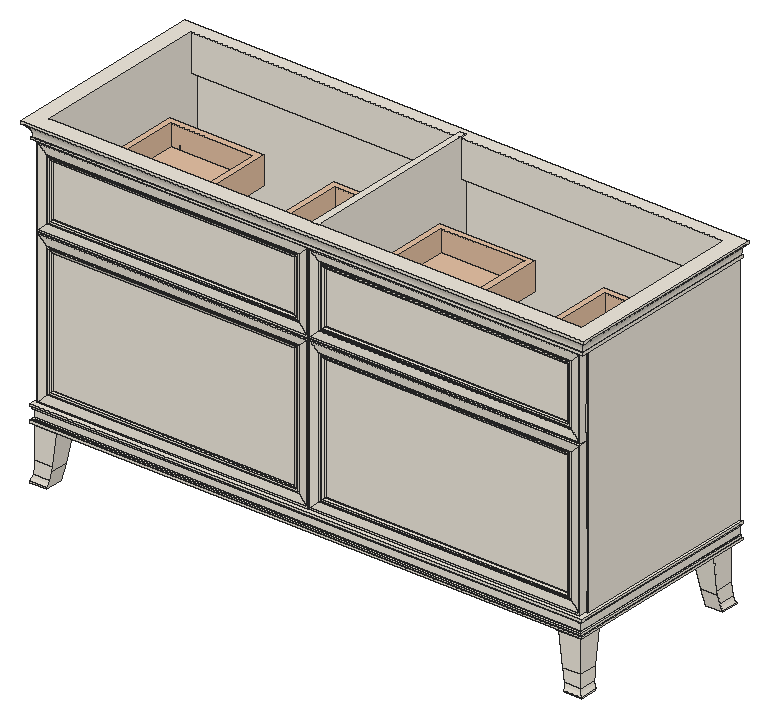
Revit family "Furniture-Floor_Mount-Vanity-KOHLER-HARKEN -K-33560", category Casework, host Face, Revit 2017 (continued)
Definition of nested family "K-33560"
  Lines and regions (in)
    Masking region 1
      outline origin (0, 1.36413, 0) x (0, 1, 0) y (0, 0, 1)
        loop
          arc (-10.87129, 27.71645) -> (-10.9274, 27.69321) -> (-10.95064, 27.63709) r 0.07936
          line (-10.95064, 27.63709) -> (-10.95064, 32.55897) -> (-11.73804, 32.55897) -> (-11.73804, 23.97629) -> (-10.95064, 23.97629) -> (-10.95064, 24.76369) -> (-10.83264, 24.76369) -> (-10.83264, 15.51233) -> (-10.8725, 15.51233)
          arc (-10.8725, 15.51233) -> (-10.92775, 15.48944) -> (-10.95064, 15.43419) r 0.07814
          line (-10.95064, 15.43419) -> (-10.95064, 23.85848) -> (-11.73804, 23.85848) -> (-11.73804, 7.63801) -> (-10.95064, 7.63801) -> (-10.95064, 9.60682) -> (-10.83264, 9.60682) -> (-10.83264, 7.51946) -> (-12.09248, 7.51946) -> (-12.09248, 7.28324) -> (-11.97433, 7.28324) -> (-11.97433, 7.16513)
          arc (-11.97433, 7.16513) -> (-11.92386, 7.11349) -> (-11.89563, 7.04702) r 0.19515
          line (-11.89563, 7.04702) -> (-11.77748, 7.04702) -> (-11.77748, 6.18088) -> (-11.89563, 6.18088)
          arc (-11.89563, 6.18088) -> (-11.92383, 6.11439) -> (-11.97433, 6.06277) r 0.19455
          line (-11.97433, 6.06277) -> (-11.97433, 5.94466) -> (-12.09248, 5.94466) -> (-12.09248, 5.70844) -> (-11.77641, 5.70844) -> (-11.77641, 2.07893)
          arc (-11.77641, 2.07893) -> (-11.79711, 1.43081) -> (-11.85913, 0.78533) r 10.15706
          arc (-11.85913, 0.78533) -> (-11.93946, 0.43926) -> (-12.09138, 0.11812) r 1.66494
          line (-12.09138, 0.11812) -> (-12.09138, 0) -> (-10.28035, 0) -> (-10.2487, 0.11812)
          arc (-10.2487, 0.11812) -> (-10.16626, 0.45028) -> (-10.09618, 0.78527) r 9.24047
          arc (-10.09618, 0.78527) -> (-10.02912, 1.15598) -> (-9.96859, 1.52781) r 21.45238
          line (-9.96859, 1.52781) -> (-9.41421, 5.47244) -> (-7.51622, 5.47244) -> (-7.51622, 5.70844) -> (3.96134, 5.70844) -> (3.96134, 5.47244) -> (5.8604, 5.47244) -> (6.41478, 1.52781)
          arc (6.41478, 1.52781) -> (6.47531, 1.15598) -> (6.54236, 0.78527) r 21.45238
          arc (6.54236, 0.78527) -> (6.61245, 0.45028) -> (6.69489, 0.11812) r 9.24047
          line (6.69489, 0.11812) -> (6.72654, 0) -> (8.53756, 0) -> (8.53756, 0.11812)
          arc (8.53756, 0.11812) -> (8.38564, 0.43926) -> (8.30531, 0.78533) r 1.66494
          arc (8.30531, 0.78533) -> (8.2433, 1.43081) -> (8.2226, 2.07893) r 10.15706
          line (8.2226, 2.07893) -> (8.2226, 5.70844) -> (9.32484, 5.70844) -> (9.32484, 34.48797) -> (-12.56492, 34.48797)
    Masking region 2
      outline origin (0, 0, 0) x (1, 0, 0) y (0, 0, 1)
        loop
          line (-30, 34.48797) -> (-30, 34.17301)
          arc (-30, 34.17301) -> (-29.45442, 33.64495) -> (-29.25197, 32.91317) r 1.44471
          line (-29.25197, 32.91317) -> (-29.37008, 32.91317) -> (-29.37008, 32.67694) -> (-29.05512, 32.67694) -> (-29.05512, 7.51946) -> (-29.37008, 7.51946) -> (-29.37008, 7.28324) -> (-29.25197, 7.28324) -> (-29.25197, 7.16513)
          arc (-29.25197, 7.16513) -> (-29.20101, 7.1138) -> (-29.17323, 7.04702) r 0.18791
          line (-29.17323, 7.04702) -> (-29.05512, 7.04702) -> (-29.05512, 6.18088) -> (-29.17323, 6.18088)
          arc (-29.17323, 6.18088) -> (-29.20143, 6.11438) -> (-29.25197, 6.06277) r 0.19437
          line (-29.25197, 6.06277) -> (-29.25197, 5.94466) -> (-29.37008, 5.94466) -> (-29.37008, 5.70844) -> (-29.05777, 5.70844) -> (-29.05777, 2.07893)
          arc (-29.05777, 2.07893) -> (-29.07485, 1.43058) -> (-29.14049, 0.78533) r 8.64397
          arc (-29.14049, 0.78533) -> (-29.2238, 0.4403) -> (-29.37273, 0.11811) r 1.81328
          line (-29.37273, 0.11811) -> (-29.37273, 0) -> (-27.56171, 0)
          arc (-27.56171, 0) -> (-27.37862, 0.78501) -> (-27.24268, 1.57954) r 13.51115
          line (-27.24268, 1.57954) -> (-26.69557, 5.47244) -> (-24.79386, 5.47244) -> (-24.79386, 5.70844) -> (24.79386, 5.70844) -> (24.79386, 5.47244) -> (26.69557, 5.47244) -> (27.24268, 1.57954)
          arc (27.24268, 1.57954) -> (27.37862, 0.78501) -> (27.56171, 0) r 13.51115
          line (27.56171, 0) -> (29.37273, 0) -> (29.37273, 0.11811)
          arc (29.37273, 0.11811) -> (29.2238, 0.4403) -> (29.14049, 0.78533) r 1.81328
          arc (29.14049, 0.78533) -> (29.07485, 1.43058) -> (29.05777, 2.07893) r 8.64397
          line (29.05777, 2.07893) -> (29.05777, 5.70844) -> (29.37008, 5.70844) -> (29.37008, 5.94466) -> (29.25197, 5.94466) -> (29.25197, 6.06277)
          arc (29.25197, 6.06277) -> (29.20143, 6.11438) -> (29.17323, 6.18088) r 0.19437
          line (29.17323, 6.18088) -> (29.05512, 6.18088) -> (29.05512, 7.04702) -> (29.17323, 7.04702)
          arc (29.17323, 7.04702) -> (29.20101, 7.1138) -> (29.25197, 7.16513) r 0.18791
          line (29.25197, 7.16513) -> (29.25197, 7.28324) -> (29.37008, 7.28324) -> (29.37008, 7.51946) -> (29.05512, 7.51946) -> (29.05512, 32.67694) -> (29.37008, 32.67694) -> (29.37008, 32.91317) -> (29.25197, 32.91317)
          arc (29.25197, 32.91317) -> (29.45442, 33.64495) -> (30, 34.17301) r 1.44471
          line (30, 34.17301) -> (30, 34.48797) -> (-0.21116, 34.48797) -> (-30, 34.48797)
    Masking region 3
      outline origin (0, 0, 0) x (1, 0, 0) y (0, 1, 0)
        loop
          line (-30, 10.68898) -> (-30, -11.20079) -> (30, -11.20079) -> (30, 10.68898) -> (28.11023, 10.68898) -> (28.11023, 10.64961) -> (0, 10.64961) -> (-28.11023, 10.64961) -> (-28.11023, 10.68898) -> (-30, 10.68898)
    symbolic lines, detail levels medium+fine
      curve 1: line (0, -9.4685, 27.71643) -> (0, -9.4685, 24.76356)
      curve 2: line (0, -9.5865, 15.43698) -> (0, -9.5865, 9.60118)
      curve 3: line (0, -9.4685, 15.51164) -> (0, -9.4685, 9.60118)
      curve 4: line (0, 9.58674, 5.70844) -> (0, 5.32548, 5.70844)
      curve 5: line (0, -6.15208, 5.70844) -> (0, -10.41228, 5.70844)
      curve 6: line (0, -10.61019, 7.28324) -> (0, 10.68898, 7.28324)
      curve 7: line (0, -9.4685, 7.51946) -> (0, 10.68898, 7.51946)
      curve 8: line (0, -10.61019, 7.16513) -> (0, 10.68898, 7.16513)
      curve 9: line (0, -10.41334, 7.04702) -> (0, 10.68898, 7.04702)
      curve 10: line (0, -10.41339, 6.18088) -> (0, 10.68893, 6.18088)
      curve 11: line (0, -10.61019, 6.06277) -> (0, 10.68893, 6.06277)
      curve 12: line (0, -10.61024, 5.94466) -> (0, 10.68893, 5.94466)
      curve 13: line (0, -9.4685, 32.67694) -> (0, 10.68898, 32.67694)
      curve 14: line (0, 7.22453, 5.47244) -> (0, 9.58674, 5.47244)
      curve 15: line (0, -7.88001, 5.47244) -> (0, -10.41228, 5.47244)
      curve 16: line (0, 7.0534, 5.47244) -> (0, 7.0534, 5.70844)
      curve 17: line (0, -7.88001, 5.47244) -> (0, -7.88001, 5.70844)
      curve 18: line (0, -11.20079, 34.17301) -> (0, 10.68898, 34.17301)
      curve 19: line (0, -10.45276, 32.91317) -> (0, 10.68898, 32.91317)
      curve 20: line (0, -9.58651, 27.63709) -> (0, -9.58651, 24.76369)
      curve 21: line (-30, 0, 34.17301) -> (30, 0, 34.17301)
      curve 22: line (-29.05512, 0, 32.67694) -> (29.05512, 0, 32.67694)
      curve 23: line (29.25197, 0, 32.91317) -> (-29.25197, 0, 32.91317)
      curve 24: line (-29.05512, 0, 7.51946) -> (29.05512, 0, 7.51946)
      curve 25: line (29.25197, 0, 7.28324) -> (-29.25197, 0, 7.28324)
      curve 26: line (-29.25197, 0, 7.16513) -> (29.25197, 0, 7.16513)
      curve 27: line (29.05512, 0, 7.04702) -> (-29.05512, 0, 7.04702)
      curve 28: line (-29.05512, 0, 5.70844) -> (29.05512, 0, 5.70844)
      curve 29: line (29.25197, 0, 5.94466) -> (-29.25197, 0, 5.94466)
      curve 30: line (-29.25197, 0, 6.06277) -> (29.25197, 0, 6.06277)
      curve 31: line (29.05512, 0, 6.18088) -> (-29.05512, 0, 6.18088)
      curve 32: line (-26.69557, 0, 5.47244) -> (-29.05777, 0, 5.47244)
      curve 33: line (-28.95669, 0, 32.55883) -> (-28.95669, 0, 23.97616)
      curve 34: line (-0.05905, 0, 32.55883) -> (-28.95669, 0, 32.55883)
      curve 35: line (-0.17716, 0, 32.44072) -> (-28.83858, 0, 32.44072)
      curve 36: line (-27.42126, 0, 31.0234) -> (-28.95669, 0, 32.55883)
      curve 37: line (-28.83858, 0, 32.44072) -> (-28.83858, 0, 24.09427)
      curve 38: line (-28.95669, 0, 23.97616) -> (-0.05905, 0, 23.97616)
      curve 39: line (-28.83858, 0, 24.09427) -> (-0.17716, 0, 24.09427)
      curve 40: line (-27.42126, 0, 25.51159) -> (-28.95669, 0, 23.97616)
      curve 41: line (-27.97244, 0, 31.57458) -> (-27.97244, 0, 24.96041)
      curve 42: line (-27.95275, 0, 24.98009) -> (-27.95275, 0, 31.5549)
      curve 43: line (-1.04331, 0, 24.98009) -> (-27.95275, 0, 24.98009)
      curve 44: line (-27.97244, 0, 24.96041) -> (-1.06299, 0, 24.96041)
      curve 45: line (-27.79527, 0, 25.13757) -> (-1.22047, 0, 25.13757)
      curve 46: line (-27.77559, 0, 31.37773) -> (-27.77559, 0, 25.15726)
      curve 47: line (-27.79527, 0, 31.39742) -> (-27.79527, 0, 25.13757)
      curve 48: line (-27.77559, 0, 25.15726) -> (-1.24016, 0, 25.15726)
      curve 49: line (-27.79527, 0, 25.13757) -> (-1.22047, 0, 25.13757)
      curve 50: line (-27.65748, 0, 25.27537) -> (-1.35827, 0, 25.27537)
      curve 51: line (-27.65748, 0, 31.25962) -> (-27.65748, 0, 25.27537)
      curve 52: line (-27.42126, 0, 31.0234) -> (-27.42126, 0, 25.51159)
      curve 53: line (-27.46063, 0, 31.06277) -> (-27.46063, 0, 25.47222)
      curve 54: line (-1.04331, 0, 31.57458) -> (-27.97244, 0, 31.57458)
      curve 55: line (-27.95275, 0, 31.5549) -> (-1.06299, 0, 31.5549)
      curve 56: line (-1.22047, 0, 31.39742) -> (-27.79527, 0, 31.39742)
      curve 57: line (-1.24016, 0, 31.37773) -> (-27.77559, 0, 31.37773)
      curve 58: line (-1.35827, 0, 31.25962) -> (-27.65748, 0, 31.25962)
      curve 59: line (-1.55512, 0, 31.06277) -> (-27.46063, 0, 31.06277)
      curve 60: line (-1.59449, 0, 31.0234) -> (-27.42126, 0, 31.0234)
      curve 61: line (-1.04331, 0, 24.98009) -> (-1.04331, 0, 31.57458)
      curve 62: line (-1.06299, 0, 31.5549) -> (-1.06299, 0, 24.96041)
      curve 63: line (-1.22047, 0, 25.13757) -> (-1.22047, 0, 31.39742)
      curve 64: line (-1.24016, 0, 25.15726) -> (-1.24016, 0, 31.37773)
      curve 65: line (-1.35827, 0, 25.27537) -> (-1.35827, 0, 31.25962)
      curve 66: line (-1.55512, 0, 25.47222) -> (-1.55512, 0, 31.06277)
      curve 67: line (-1.59449, 0, 25.51159) -> (-1.59449, 0, 31.0234)
      curve 68: line (-0.05905, 0, 32.55883) -> (-1.59449, 0, 31.0234)
      curve 69: line (-0.17716, 0, 24.09427) -> (-0.17716, 0, 32.44072)
      curve 70: line (-0.05905, 0, 23.97616) -> (-0.05905, 0, 32.55883)
      curve 71: line (-0.05905, 0, 23.97616) -> (-1.59449, 0, 25.51159)
      curve 72: line (-0.05905, 0, 23.85805) -> (-28.95669, 0, 23.85805)
      curve 73: line (-28.95669, 0, 23.85805) -> (-28.95669, 0, 7.63757)
      curve 74: line (-28.83858, 0, 23.73994) -> (-28.83858, 0, 7.75569)
      curve 75: line (-28.83858, 0, 7.75569) -> (-0.17716, 0, 7.75569)
      curve 76: line (-28.95669, 0, 7.63757) -> (-0.05905, 0, 7.63757)
      curve 77: line (-27.42126, 0, 9.17301) -> (-28.95669, 0, 7.63757)
      curve 78: line (-28.34646, 0, 7.63757) -> (-28.34646, 0, 7.51946)
      curve 79: line (-28.3447, 0, 32.55883) -> (-28.3447, 0, 32.67694)
      curve 80: line (-0.17716, 0, 23.73994) -> (-28.83858, 0, 23.73994)
      curve 81: line (-27.97244, 0, 22.8738) -> (-27.97244, 0, 8.62183)
      curve 82: line (-27.95275, 0, 8.64151) -> (-27.95275, 0, 22.85411)
      curve 83: line (-27.79527, 0, 22.69663) -> (-27.79527, 0, 8.79899)
      curve 84: line (-27.77559, 0, 22.67694) -> (-27.77559, 0, 8.81868)
      curve 85: line (-27.65748, 0, 22.55883) -> (-27.65748, 0, 8.93679)
      curve 86: line (-27.46063, 0, 22.36198) -> (-27.46063, 0, 9.13364)
      curve 87: line (-27.42126, 0, 22.32261) -> (-27.42126, 0, 9.17301)
      curve 88: line (-27.42126, 0, 22.32261) -> (-28.95669, 0, 23.85805)
      curve 89: line (-1.04331, 0, 22.8738) -> (-27.97244, 0, 22.8738)
      curve 90: line (-27.95275, 0, 22.85411) -> (-1.06299, 0, 22.85411)
      curve 91: line (-1.24016, 0, 22.67694) -> (-27.77559, 0, 22.67694)
      curve 92: line (-1.22047, 0, 22.69663) -> (-27.79527, 0, 22.69663)
      curve 93: line (-1.35827, 0, 22.55883) -> (-27.65748, 0, 22.55883)
      curve 94: line (-1.55512, 0, 22.36198) -> (-27.46063, 0, 22.36198)
      curve 95: line (-1.59449, 0, 22.32261) -> (-27.42126, 0, 22.32261)
      curve 96: line (-27.42126, 0, 9.17301) -> (-1.59449, 0, 9.17301)
      curve 97: line (-27.46063, 0, 9.13364) -> (-1.55512, 0, 9.13364)
      curve 98: line (-1.37795, 0, 8.93679) -> (-27.65748, 0, 8.93679)
      curve 99: line (-27.77559, 0, 8.81868) -> (-1.24016, 0, 8.81868)
      curve 100: line (-27.79527, 0, 8.79899) -> (-1.22047, 0, 8.79899)
      curve 101: line (-27.97244, 0, 8.62183) -> (-1.04331, 0, 8.62183)
      curve 102: line (-1.06299, 0, 8.64151) -> (-27.95275, 0, 8.64151)
      curve 103: line (-0.05905, 0, 7.63757) -> (-0.05905, 0, 23.85805)
      curve 104: line (-0.17716, 0, 7.75569) -> (-0.17716, 0, 23.73994)
      curve 105: line (-1.04331, 0, 8.62183) -> (-1.04331, 0, 22.8738)
      curve 106: line (-1.06299, 0, 22.85411) -> (-1.06299, 0, 8.64151)
      curve 107: line (-1.24016, 0, 8.81868) -> (-1.24016, 0, 22.67694)
      curve 108: line (-1.22047, 0, 8.79899) -> (-1.22047, 0, 22.69663)
      curve 109: line (-1.35827, 0, 8.93679) -> (-1.35827, 0, 22.55883)
      curve 110: line (-1.55512, 0, 9.13364) -> (-1.55512, 0, 22.36198)
      curve 111: line (-1.59449, 0, 9.17301) -> (-1.59449, 0, 22.32261)
      curve 112: line (-0.05905, 0, 23.85805) -> (-1.59449, 0, 22.32261)
      curve 113: line (-0.05905, 0, 7.63757) -> (-1.59449, 0, 9.17301)
      curve 114: line (26.69557, 0, 5.47244) -> (29.05777, 0, 5.47244)
      curve 115: line (28.95669, 0, 32.55883) -> (28.95669, 0, 23.97616)
      curve 116: line (0.05905, 0, 32.55883) -> (28.95669, 0, 32.55883)
      curve 117: line (0.17716, 0, 32.44072) -> (28.83858, 0, 32.44072)
      curve 118: line (27.42126, 0, 31.0234) -> (28.95669, 0, 32.55883)
      curve 119: line (28.83858, 0, 32.44072) -> (28.83858, 0, 24.09427)
      curve 120: line (28.95669, 0, 23.97616) -> (0.05905, 0, 23.97616)
      curve 121: line (28.83858, 0, 24.09427) -> (0.17716, 0, 24.09427)
      curve 122: line (27.42126, 0, 25.51159) -> (28.95669, 0, 23.97616)
      curve 123: line (27.97244, 0, 31.57458) -> (27.97244, 0, 24.96041)
      curve 124: line (27.95275, 0, 24.98009) -> (27.95275, 0, 31.5549)
      curve 125: line (1.04331, 0, 24.98009) -> (27.95275, 0, 24.98009)
      curve 126: line (27.97244, 0, 24.96041) -> (1.06299, 0, 24.96041)
      curve 127: line (27.79527, 0, 25.13757) -> (1.22047, 0, 25.13757)
      curve 128: line (27.77559, 0, 31.37773) -> (27.77559, 0, 25.15726)
      curve 129: line (27.79527, 0, 31.39742) -> (27.79527, 0, 25.13757)
      curve 130: line (27.77559, 0, 25.15726) -> (1.24016, 0, 25.15726)
      curve 131: line (27.79527, 0, 25.13757) -> (1.22047, 0, 25.13757)
      curve 132: line (27.65748, 0, 25.27537) -> (1.35827, 0, 25.27537)
      curve 133: line (27.65748, 0, 31.25962) -> (27.65748, 0, 25.27537)
      curve 134: line (27.42126, 0, 31.0234) -> (27.42126, 0, 25.51159)
      curve 135: line (27.46063, 0, 31.06277) -> (27.46063, 0, 25.47222)
      curve 136: line (1.04331, 0, 31.57458) -> (27.97244, 0, 31.57458)
      curve 137: line (27.95275, 0, 31.5549) -> (1.06299, 0, 31.5549)
      curve 138: line (1.22047, 0, 31.39742) -> (27.79527, 0, 31.39742)
      curve 139: line (1.24016, 0, 31.37773) -> (27.77559, 0, 31.37773)
      curve 140: line (1.35827, 0, 31.25962) -> (27.65748, 0, 31.25962)
      curve 141: line (1.55512, 0, 31.06277) -> (27.46063, 0, 31.06277)
      curve 142: line (1.59449, 0, 31.0234) -> (27.42126, 0, 31.0234)
      curve 143: line (1.04331, 0, 24.98009) -> (1.04331, 0, 31.57458)
      curve 144: line (1.06299, 0, 31.5549) -> (1.06299, 0, 24.96041)
      curve 145: line (1.22047, 0, 25.13757) -> (1.22047, 0, 31.39742)
      curve 146: line (1.24016, 0, 25.15726) -> (1.24016, 0, 31.37773)
      curve 147: line (1.35827, 0, 25.27537) -> (1.35827, 0, 31.25962)
      curve 148: line (1.55512, 0, 25.47222) -> (1.55512, 0, 31.06277)
      curve 149: line (1.59449, 0, 25.51159) -> (1.59449, 0, 31.0234)
      curve 150: line (0.05905, 0, 32.55883) -> (1.59449, 0, 31.0234)
      curve 151: line (0.17716, 0, 24.09427) -> (0.17716, 0, 32.44072)
      curve 152: line (0.05905, 0, 23.97616) -> (0.05905, 0, 32.55883)
      curve 153: line (0.05905, 0, 23.97616) -> (1.59449, 0, 25.51159)
      curve 154: line (0.05905, 0, 23.85805) -> (28.95669, 0, 23.85805)
      curve 155: line (28.95669, 0, 23.85805) -> (28.95669, 0, 7.63757)
      curve 156: line (28.83858, 0, 23.73994) -> (28.83858, 0, 7.75569)
      curve 157: line (28.83858, 0, 7.75569) -> (0.17716, 0, 7.75569)
      curve 158: line (28.95669, 0, 7.63757) -> (0.05905, 0, 7.63757)
      curve 159: line (27.42126, 0, 9.17301) -> (28.95669, 0, 7.63757)
      curve 160: line (28.34646, 0, 7.63757) -> (28.34646, 0, 7.51946)
      curve 161: line (28.3447, 0, 32.55883) -> (28.3447, 0, 32.67694)
      curve 162: line (0.17716, 0, 23.73994) -> (28.83858, 0, 23.73994)
      curve 163: line (27.97244, 0, 22.8738) -> (27.97244, 0, 8.62183)
      curve 164: line (27.95275, 0, 8.64151) -> (27.95275, 0, 22.85411)
      curve 165: line (27.79527, 0, 22.69663) -> (27.79527, 0, 8.79899)
      curve 166: line (27.77559, 0, 22.67694) -> (27.77559, 0, 8.81868)
      curve 167: line (27.65748, 0, 22.55883) -> (27.65748, 0, 8.93679)
      curve 168: line (27.46063, 0, 22.36198) -> (27.46063, 0, 9.13364)
      curve 169: line (27.42126, 0, 22.32261) -> (27.42126, 0, 9.17301)
      curve 170: line (27.42126, 0, 22.32261) -> (28.95669, 0, 23.85805)
      curve 171: line (1.04331, 0, 22.8738) -> (27.97244, 0, 22.8738)
      curve 172: line (27.95275, 0, 22.85411) -> (1.06299, 0, 22.85411)
      curve 173: line (1.24016, 0, 22.67694) -> (27.77559, 0, 22.67694)
      curve 174: line (1.22047, 0, 22.69663) -> (27.79527, 0, 22.69663)
      curve 175: line (1.35827, 0, 22.55883) -> (27.65748, 0, 22.55883)
      curve 176: line (1.55512, 0, 22.36198) -> (27.46063, 0, 22.36198)
      curve 177: line (1.59449, 0, 22.32261) -> (27.42126, 0, 22.32261)
      curve 178: line (27.42126, 0, 9.17301) -> (1.59449, 0, 9.17301)
      curve 179: line (27.46063, 0, 9.13364) -> (1.55512, 0, 9.13364)
      curve 180: line (1.37795, 0, 8.93679) -> (27.65748, 0, 8.93679)
      curve 181: line (27.77559, 0, 8.81868) -> (1.24016, 0, 8.81868)
      curve 182: line (27.79527, 0, 8.79899) -> (1.22047, 0, 8.79899)
      curve 183: line (27.97244, 0, 8.62183) -> (1.04331, 0, 8.62183)
      curve 184: line (1.06299, 0, 8.64151) -> (27.95275, 0, 8.64151)
      curve 185: line (0.05905, 0, 7.63757) -> (0.05905, 0, 23.85805)
      curve 186: line (0.17716, 0, 7.75569) -> (0.17716, 0, 23.73994)
      curve 187: line (1.04331, 0, 8.62183) -> (1.04331, 0, 22.8738)
      curve 188: line (1.06299, 0, 22.85411) -> (1.06299, 0, 8.64151)
      curve 189: line (1.24016, 0, 8.81868) -> (1.24016, 0, 22.67694)
      curve 190: line (1.22047, 0, 8.79899) -> (1.22047, 0, 22.69663)
      curve 191: line (1.35827, 0, 8.93679) -> (1.35827, 0, 22.55883)
      curve 192: line (1.55512, 0, 9.13364) -> (1.55512, 0, 22.36198)
      curve 193: line (1.59449, 0, 9.17301) -> (1.59449, 0, 22.32261)
      curve 194: line (0.05905, 0, 23.85805) -> (1.59449, 0, 22.32261)
      curve 195: line (0.05905, 0, 7.63757) -> (1.59449, 0, 9.17301)
      curve 196: line (-0.35433, 0, 32.55883) -> (-0.35433, 0, 32.67694)
      curve 197: line (0.35433, 0, 32.67694) -> (0.35433, 0, 32.55883)
      curve 198: line (-0.35433, 0, 23.97616) -> (-0.35433, 0, 23.85805)
      curve 199: line (0.35433, 0, 23.85805) -> (0.35433, 0, 23.97616)
      curve 200: line (-28.06299, 10.64961, 0) -> (-28.8189, 10.64961, 0)
      curve 201: line (-28.8189, 10.64961, 0) -> (-28.8189, 10.17717, 0)
      curve 202: line (-28.83858, 10.68898, 0) -> (-28.83858, 10.17717, 0)
      curve 203: line (-28.83858, 10.17717, 0) -> (28.8189, 10.17717, 0)
      curve 204: line (-29.05512, -10.25591, 0) -> (-29.05512, 10.68898, 0)
      curve 205: line (-29.05512, -10.25591, 0) -> (-30, -11.20079, 0)
      curve 206: line (-29.05512, -9.4685, 0) -> (29.05512, -9.4685, 0)
      curve 207: line (29.05512, -10.2559, 0) -> (-29.05512, -10.2559, 0)
      curve 208: line (-0.62936, 8.3269, 0) -> (-28.14946, 8.3269, 0)
      curve 209: line (-28.14946, 8.2479, 0) -> (-18.07071, 8.2479, 0)
      curve 210: line (-28.14946, 8.3269, 0) -> (-28.14946, -9.4685, 0)
      curve 211: line (-28.14946, 8.2479, 0) -> (-18.07071, 8.2479, 0)
      curve 212: line (-28.14946, 7.73635, 0) -> (-0.62936, 7.73635, 0)
      curve 213: line (-18.07071, 7.81535, 0) -> (-28.14946, 7.81535, 0)
      curve 214: line (-18.07071, 8.3269, 0) -> (-18.07071, -8.99595, 0)
      curve 215: line (-17.59827, 8.3269, 0) -> (-17.59827, 7.73635, 0)
      curve 216: line (-28.07046, 7.73635, 0) -> (-28.06536, 6.3584, 0)
      curve 217: line (-27.59929, 6.71135, 0) -> (-26.33661, 6.71135, 0)
      curve 218: line (-27.59929, 6.48241, 0) -> (-27.59929, 6.71135, 0)
      curve 219: line (-27.59929, 6.48241, 0) -> (-27.47268, 6.48241, 0)
      curve 220: line (-27.47268, 6.48241, 0) -> (-27.47268, 6.65308, 0)
      curve 221: line (-27.47268, 6.65308, 0) -> (-26.58071, 6.65308, 0)
      curve 222: line (-26.58071, 6.65308, 0) -> (-26.58071, 6.3584, 0)
      curve 223: line (-27.44685, 6.65308, 0) -> (-27.44685, 6.3584, 0)
      curve 224: line (-27.30905, 6.3584, 0) -> (-27.30905, 6.65308, 0)
      curve 225: line (-27.5059, 6.48241, 0) -> (-27.5059, 6.3584, 0)
      curve 226: line (-27.5589, 6.48241, 0) -> (-27.5589, 6.3584, 0)
      curve 227: line (-27.5148, 6.71135, 0) -> (-27.5148, 6.48241, 0)
      curve 228: line (-27.40748, 6.71135, 0) -> (-27.40748, 6.65308, 0)
      curve 229: line (-27.21835, 6.71135, 0) -> (-27.21835, 6.65308, 0)
      curve 230: line (-26.70962, 6.71135, 0) -> (-26.70962, 6.65308, 0)
      curve 231: line (-26.40351, 6.71135, 0) -> (-26.40351, 6.3584, 0)
      curve 232: line (-26.31181, 6.53419, 0) -> (-26.31181, 6.3584, 0)
      curve 233: line (-18.07071, 6.3584, 0) -> (-28.14946, 6.3584, 0)
      curve 234: line (-26.31181, 6.53419, 0) -> (-26.33661, 6.55899, 0)
      curve 235: line (-27.63779, 9.38998, 0) -> (-27.63779, 8.3269, 0)
      curve 236: line (-27.63779, 9.38998, 0) -> (-28.34646, 9.38998, 0)
      curve 237: line (-27.6379, 7.73635, 0) -> (-27.6379, 6.3584, 0)
      curve 238: line (-27.5589, 7.73635, 0) -> (-27.5589, 6.71135, 0)
      curve 239: line (-27.59929, 8.67985, 0) -> (-26.33661, 8.67985, 0)
      curve 240: line (-26.33661, 8.3269, 0) -> (-26.33661, 8.67985, 0)
      curve 241: line (-26.31181, 8.3269, 0) -> (-26.31181, 8.50406, 0)
      curve 242: line (-26.31181, 8.50406, 0) -> (-26.33661, 8.52887, 0)
      curve 243: line (-26.58071, 8.62158, 0) -> (-26.58071, 8.3269, 0)
      curve 244: line (-27.47268, 8.62158, 0) -> (-26.58071, 8.62158, 0)
      curve 245: line (-27.30905, 8.3269, 0) -> (-27.30905, 8.62158, 0)
      curve 246: line (-27.44685, 8.3269, 0) -> (-27.44685, 8.62158, 0)
      curve 247: line (-27.47268, 8.45229, 0) -> (-27.47268, 8.62158, 0)
      curve 248: line (-27.47268, 8.45229, 0) -> (-27.59929, 8.45229, 0)
      curve 249: line (-27.50305, 8.3269, 0) -> (-27.50305, 8.45229, 0)
      curve 250: line (-27.5148, 8.67985, 0) -> (-27.5148, 8.45229, 0)
      curve 251: line (-27.59929, 8.67985, 0) -> (-27.59929, 8.45229, 0)
      curve 252: line (-27.40748, 8.62158, 0) -> (-27.40748, 8.67985, 0)
      curve 253: line (-27.21835, 8.62158, 0) -> (-27.21835, 8.67985, 0)
      curve 254: line (-26.70866, 8.67985, 0) -> (-26.70866, 8.62158, 0)
      curve 255: line (-18.07071, 6.2794, 0) -> (-28.14946, 6.2794, 0)
      curve 256: line (-18.07071, 5.84685, 0) -> (-28.14946, 5.84685, 0)
      curve 257: line (-28.14946, 5.76785, 0) -> (-18.07071, 5.76785, 0)
      curve 258: line (-27.5589, -8.99595, 0) -> (-27.5589, 5.76785, 0)
      curve 259: line (-18.66146, 5.76785, 0) -> (-18.66146, -8.99595, 0)
      curve 260: line (-18.58246, -8.99595, 0) -> (-18.58246, 5.76785, 0)
      curve 261: line (-18.1499, 5.76785, 0) -> (-18.1499, -8.99595, 0)
      curve 262: line (-28.14946, -8.20991, 0) -> (-28.34646, -8.20991, 0)
      curve 263: line (-28.34646, -8.93688, 0) -> (-28.14946, -8.93688, 0)
      curve 264: line (-28.27559, 6.01981, 0) -> (-28.27559, -8.93688, 0)
      curve 265: line (-28.23622, 5.24661, 0) -> (-28.23622, -8.93688, 0)
      curve 266: line (-28.34646, 6.01981, 0) -> (-28.14946, 6.01981, 0)
      curve 267: line (-28.23622, 6.01981, 0) -> (-28.23622, -8.93688, 0)
      curve 268: line (-28.15748, 6.01981, 0) -> (-28.15748, 5.41509, 0)
      curve 269: line (-28.14946, 5.41509, 0) -> (-28.22047, 5.41509, 0)
      curve 270: line (-28.22047, 5.41509, 0) -> (-28.22047, 5.24661, 0)
      curve 271: line (-28.34646, 5.24661, 0) -> (-28.14946, 5.24661, 0)
      curve 272: line (-28.15748, 5.24661, 0) -> (-28.15748, 4.64189, 0)
      curve 273: line (-28.22047, 4.64189, 0) -> (-28.14946, 4.64189, 0)
      curve 274: line (-28.22047, 4.64189, 0) -> (-28.22047, -0.55568, 0)
      curve 275: line (-28.34646, 9.46817, 0) -> (28.34646, 9.46817, 0)
      curve 276: line (-28.07046, 5.76785, 0) -> (-28.07046, -8.99595, 0)
      curve 277: line (-28.22047, 4.64189, 0) -> (-28.14946, 4.64189, 0)
      curve 278: line (-28.15748, -8.93688, 0) -> (-28.15748, -6.81091, 0)
      curve 279: line (-27.6379, 5.76785, 0) -> (-27.6379, -8.99595, 0)
      curve 280: line (-28.14946, -9.07495, 0) -> (-0.62936, -9.07495, 0)
      curve 281: circle (-27.99086, 8.72108, 0) r 0.09733 normal (0, 0, 1)
      curve 282: circle (-27.99113, 8.72222, 0) r 0.19685 normal (0, 0, 1)
      curve 283: line (-28.14946, -6.81091, 0) -> (-28.22047, -6.81091, 0)
      curve 284: line (-28.22047, -6.81091, 0) -> (-28.22047, 2.46308, 0)
      curve 285: line (-18.14971, 7.73635, 0) -> (-18.14971, 6.3584, 0)
      curve 286: line (-10.70811, -2.89359, 0) -> (-18.07071, -2.89359, 0)
      curve 287: line (-18.07071, -2.97259, 0) -> (-10.70811, -2.97259, 0)
      curve 288: line (-18.07071, -3.48414, 0) -> (-10.70811, -3.48414, 0)
      curve 289: line (-10.70811, -3.40514, 0) -> (-18.07071, -3.40514, 0)
      curve 290: line (-10.70811, 8.3269, 0) -> (-10.70811, -8.99595, 0)
      curve 291: line (-11.18055, 8.3269, 0) -> (-11.18055, 7.73635, 0)
      curve 292: line (-10.11736, 5.76785, 0) -> (-10.11736, -8.99595, 0)
      curve 293: line (-10.19636, -8.99595, 0) -> (-10.19636, 5.76785, 0)
      curve 294: line (-10.62891, 5.76785, 0) -> (-10.62891, -8.99595, 0)
      curve 295: line (-10.6291, 7.73635, 0) -> (-10.6291, 6.3584, 0)
      curve 296: line (-0.62936, 8.3269, 0) -> (-0.62936, -9.4685, 0)
      curve 297: line (-0.62936, 8.2479, 0) -> (-10.70811, 8.2479, 0)
      curve 298: line (-10.70811, 7.81535, 0) -> (-0.62936, 7.81535, 0)
      curve 299: line (-0.70836, 7.73635, 0) -> (-0.70836, 6.3584, 0)
      curve 300: line (-1.14091, 7.73635, 0) -> (-1.14091, 6.3584, 0)
      curve 301: line (-1.21991, 7.73635, 0) -> (-1.21991, 6.71135, 0)
      curve 302: line (-10.6291, 7.73635, 0) -> (-10.6291, 6.3584, 0)
      curve 303: line (-18.66127, 7.73635, 0) -> (-18.66127, 6.3584, 0)
      curve 304: line (-18.58227, 6.3584, 0) -> (-18.58227, 7.73635, 0)
      curve 305: line (-10.11755, 7.73635, 0) -> (-10.11755, 6.3584, 0)
      curve 306: line (-10.19655, 6.3584, 0) -> (-10.19655, 7.73635, 0)
      curve 307: line (-10.70811, 6.3584, 0) -> (-0.62936, 6.3584, 0)
      curve 308: line (-10.70811, 6.2794, 0) -> (-0.62936, 6.2794, 0)
      curve 309: line (-10.70811, 5.84685, 0) -> (-0.62936, 5.84685, 0)
      curve 310: line (-0.62936, 5.76785, 0) -> (-10.70811, 5.76785, 0)
      curve 311: line (-1.21991, -8.99595, 0) -> (-1.21991, 5.76785, 0)
      curve 312: line (-1.14091, 5.76785, 0) -> (-1.14091, -8.99595, 0)
      curve 313: line (-2.38897, 8.3269, 0) -> (-2.38897, 8.50406, 0)
      curve 314: line (-2.3609, 8.3269, 0) -> (-2.3609, 8.67985, 0)
      curve 315: line (-1.10149, 8.67985, 0) -> (-2.3609, 8.67985, 0)
      curve 316: line (-2.29724, 8.67985, 0) -> (-2.29724, 8.3269, 0)
      curve 317: line (-2.38897, 8.50406, 0) -> (-2.3609, 8.53214, 0)
      curve 318: line (-2.12008, 8.3269, 0) -> (-2.12008, 8.62158, 0)
      curve 319: line (-2.12008, 8.62158, 0) -> (-1.22811, 8.62158, 0)
      curve 320: line (-1.39173, 8.3269, 0) -> (-1.39173, 8.62158, 0)
      curve 321: line (-1.25394, 8.62158, 0) -> (-1.25394, 8.3269, 0)
      curve 322: line (-1.29331, 8.62158, 0) -> (-1.29331, 8.67985, 0)
      curve 323: line (-1.48244, 8.62158, 0) -> (-1.48244, 8.67985, 0)
      curve 324: line (-1.99176, 8.62158, 0) -> (-1.99176, 8.67985, 0)
      curve 325: line (-1.22811, 8.62158, 0) -> (-1.22811, 8.45229, 0)
      curve 326: line (-1.22811, 8.45229, 0) -> (-1.10149, 8.45229, 0)
      curve 327: line (-1.10149, 8.45229, 0) -> (-1.10149, 8.67985, 0)
      curve 328: line (-1.18598, 8.45229, 0) -> (-1.18598, 8.67985, 0)
      curve 329: line (-1.19488, 8.3269, 0) -> (-1.19488, 8.45229, 0)
      curve 330: line (-2.38897, 6.3584, 0) -> (-2.38897, 6.53419, 0)
      curve 331: line (-2.36417, 6.3584, 0) -> (-2.36417, 6.71135, 0)
      curve 332: line (-2.36417, 6.71135, 0) -> (-1.10149, 6.71135, 0)
      curve 333: line (-1.10149, 6.71135, 0) -> (-1.10149, 6.48241, 0)
      curve 334: line (-1.10149, 6.48241, 0) -> (-1.22811, 6.48241, 0)
      curve 335: line (-2.38897, 6.53419, 0) -> (-2.36417, 6.55899, 0)
      curve 336: line (-1.99267, 6.65308, 0) -> (-1.99267, 6.71135, 0)
      curve 337: line (-1.48244, 6.65308, 0) -> (-1.48244, 6.71135, 0)
      curve 338: line (-1.29331, 6.65308, 0) -> (-1.29331, 6.71135, 0)
      curve 339: line (-2.29727, 6.3584, 0) -> (-2.29727, 6.71135, 0)
      curve 340: line (-2.12008, 6.3584, 0) -> (-2.12008, 6.65308, 0)
      curve 341: line (-1.22811, 6.65308, 0) -> (-2.12008, 6.65308, 0)
      curve 342: line (-1.22811, 6.65308, 0) -> (-1.22811, 6.48241, 0)
      curve 343: line (-1.19488, 6.48241, 0) -> (-1.19488, 6.3584, 0)
      curve 344: line (-1.18598, 6.71135, 0) -> (-1.18598, 6.48241, 0)
      curve 345: line (-1.39173, 6.65308, 0) -> (-1.39173, 6.3584, 0)
      curve 346: line (-1.25394, 6.3584, 0) -> (-1.25394, 6.65308, 0)
      curve 347: line (-0.70876, -8.99595, 0) -> (-0.70876, 5.76785, 0)
      curve 348: line (-28.07006, -8.99595, 0) -> (-28.07006, 5.76785, 0)
      curve 349: line (-0.35433, -8.93688, 0) -> (-0.62936, -8.93688, 0)
      curve 350: line (-0.35433, -9.4685, 0) -> (-0.35433, 9.46817, 0)
      curve 351: line (-0.62936, -8.99595, 0) -> (-28.14946, -8.99595, 0)
      curve 352: line (-0.62936, -8.20991, 0) -> (-0.35433, -8.20991, 0)
      curve 353: line (-0.62936, -6.81091, 0) -> (-0.48031, -6.81091, 0)
      curve 354: line (-0.48031, -6.81091, 0) -> (-0.48031, 4.64189, 0)
      curve 355: line (-0.54331, -8.93688, 0) -> (-0.54331, -6.81091, 0)
      curve 356: line (-0.48031, 4.64189, 0) -> (-0.62936, 4.64189, 0)
      curve 357: line (-0.54331, 5.24661, 0) -> (-0.54331, 4.64189, 0)
      curve 358: line (-0.62936, 5.24661, 0) -> (-0.35433, 5.24661, 0)
      curve 359: line (-0.62936, 5.41447, 0) -> (-0.48031, 5.41447, 0)
      curve 360: line (-0.48031, 5.41447, 0) -> (-0.48031, 5.24661, 0)
      curve 361: line (-0.54331, 5.41447, 0) -> (-0.54331, 6.01981, 0)
      curve 362: line (-0.62936, 6.01981, 0) -> (-0.35433, 6.01981, 0)
      curve 363: line (-0.46457, 6.01981, 0) -> (-0.46457, -8.93688, 0)
      curve 364: line (-0.4252, 6.01981, 0) -> (-0.4252, -8.93688, 0)
      curve 365: line (28.06299, 10.64961, 0) -> (28.8189, 10.64961, 0)
      curve 366: line (28.8189, 10.64961, 0) -> (28.8189, 10.17717, 0)
      curve 367: line (28.83858, 10.68898, 0) -> (28.83858, 10.17717, 0)
      curve 368: line (29.05512, -10.25591, 0) -> (29.05512, 10.68898, 0)
      curve 369: line (29.05512, -10.25591, 0) -> (30, -11.20079, 0)
      curve 370: line (0.62936, 8.3269, 0) -> (28.14946, 8.3269, 0)
      curve 371: line (28.14946, 8.2479, 0) -> (18.07071, 8.2479, 0)
      curve 372: line (28.14946, 8.3269, 0) -> (28.14946, -9.4685, 0)
      curve 373: line (28.14946, 8.2479, 0) -> (18.07071, 8.2479, 0)
      curve 374: line (28.14946, 7.73635, 0) -> (0.62936, 7.73635, 0)
      curve 375: line (18.07071, 7.81535, 0) -> (28.14946, 7.81535, 0)
      curve 376: line (18.07071, 8.3269, 0) -> (18.07071, -8.99595, 0)
      curve 377: line (17.59827, 8.3269, 0) -> (17.59827, 7.73635, 0)
      curve 378: line (28.07046, 7.73635, 0) -> (28.06536, 6.3584, 0)
      curve 379: line (27.59929, 6.71135, 0) -> (26.33661, 6.71135, 0)
      curve 380: line (27.59929, 6.48241, 0) -> (27.59929, 6.71135, 0)
      curve 381: line (27.59929, 6.48241, 0) -> (27.47268, 6.48241, 0)
      curve 382: line (27.47268, 6.48241, 0) -> (27.47268, 6.65308, 0)
      curve 383: line (27.47268, 6.65308, 0) -> (26.58071, 6.65308, 0)
      curve 384: line (26.58071, 6.65308, 0) -> (26.58071, 6.3584, 0)
      curve 385: line (27.44685, 6.65308, 0) -> (27.44685, 6.3584, 0)
      curve 386: line (27.30905, 6.3584, 0) -> (27.30905, 6.65308, 0)
      curve 387: line (27.5059, 6.48241, 0) -> (27.5059, 6.3584, 0)
      curve 388: line (27.5589, 6.48241, 0) -> (27.5589, 6.3584, 0)
      curve 389: line (27.5148, 6.71135, 0) -> (27.5148, 6.48241, 0)
      curve 390: line (27.40748, 6.71135, 0) -> (27.40748, 6.65308, 0)
      curve 391: line (27.21835, 6.71135, 0) -> (27.21835, 6.65308, 0)
      curve 392: line (26.70962, 6.71135, 0) -> (26.70962, 6.65308, 0)
      curve 393: line (26.40351, 6.71135, 0) -> (26.40351, 6.3584, 0)
      curve 394: line (26.31181, 6.53419, 0) -> (26.31181, 6.3584, 0)
      curve 395: line (18.07071, 6.3584, 0) -> (28.14946, 6.3584, 0)
      curve 396: line (26.31181, 6.53419, 0) -> (26.33661, 6.55899, 0)
      curve 397: line (27.63779, 9.38998, 0) -> (27.63779, 8.3269, 0)
      curve 398: line (27.63779, 9.38998, 0) -> (28.34646, 9.38998, 0)
      curve 399: line (27.6379, 7.73635, 0) -> (27.6379, 6.3584, 0)
      curve 400: line (27.5589, 7.73635, 0) -> (27.5589, 6.71135, 0)
      curve 401: line (27.59929, 8.67985, 0) -> (26.33661, 8.67985, 0)
      curve 402: line (26.33661, 8.3269, 0) -> (26.33661, 8.67985, 0)
      curve 403: line (26.31181, 8.3269, 0) -> (26.31181, 8.50406, 0)
      curve 404: line (26.31181, 8.50406, 0) -> (26.33661, 8.52887, 0)
      curve 405: line (26.58071, 8.62158, 0) -> (26.58071, 8.3269, 0)
      curve 406: line (27.47268, 8.62158, 0) -> (26.58071, 8.62158, 0)
      curve 407: line (27.30905, 8.3269, 0) -> (27.30905, 8.62158, 0)
      curve 408: line (27.44685, 8.3269, 0) -> (27.44685, 8.62158, 0)
      curve 409: line (27.47268, 8.45229, 0) -> (27.47268, 8.62158, 0)
      curve 410: line (27.47268, 8.45229, 0) -> (27.59929, 8.45229, 0)
      curve 411: line (27.50305, 8.3269, 0) -> (27.50305, 8.45229, 0)
      curve 412: line (27.5148, 8.67985, 0) -> (27.5148, 8.45229, 0)
      curve 413: line (27.59929, 8.67985, 0) -> (27.59929, 8.45229, 0)
      curve 414: line (27.40748, 8.62158, 0) -> (27.40748, 8.67985, 0)
      curve 415: line (27.21835, 8.62158, 0) -> (27.21835, 8.67985, 0)
      curve 416: line (26.70866, 8.67985, 0) -> (26.70866, 8.62158, 0)
      curve 417: line (18.07071, 6.2794, 0) -> (28.14946, 6.2794, 0)
      curve 418: line (18.07071, 5.84685, 0) -> (28.14946, 5.84685, 0)
      curve 419: line (28.14946, 5.76785, 0) -> (18.07071, 5.76785, 0)
      curve 420: line (27.5589, -8.99595, 0) -> (27.5589, 5.76785, 0)
      curve 421: line (18.66146, 5.76785, 0) -> (18.66146, -8.99595, 0)
      curve 422: line (18.58246, -8.99595, 0) -> (18.58246, 5.76785, 0)
      curve 423: line (18.1499, 5.76785, 0) -> (18.1499, -8.99595, 0)
      curve 424: line (28.14946, -8.20991, 0) -> (28.34646, -8.20991, 0)
      curve 425: line (28.34646, -8.93688, 0) -> (28.14946, -8.93688, 0)
      curve 426: line (28.27559, 6.01981, 0) -> (28.27559, -8.93688, 0)
      curve 427: line (28.23622, 5.24661, 0) -> (28.23622, -8.93688, 0)
      curve 428: line (28.34646, 6.01981, 0) -> (28.14946, 6.01981, 0)
      curve 429: line (28.23622, 6.01981, 0) -> (28.23622, -8.93688, 0)
      curve 430: line (28.15748, 6.01981, 0) -> (28.15748, 5.41509, 0)
      curve 431: line (28.14946, 5.41509, 0) -> (28.22047, 5.41509, 0)
      curve 432: line (28.22047, 5.41509, 0) -> (28.22047, 5.24661, 0)
      curve 433: line (28.34646, 5.24661, 0) -> (28.14946, 5.24661, 0)
      curve 434: line (28.15748, 5.24661, 0) -> (28.15748, 4.64189, 0)
      curve 435: line (28.22047, 4.64189, 0) -> (28.14946, 4.64189, 0)
      curve 436: line (28.22047, 4.64189, 0) -> (28.22047, -0.55568, 0)
      curve 437: line (28.07046, 5.76785, 0) -> (28.07046, -8.99595, 0)
      curve 438: line (28.22047, 4.64189, 0) -> (28.14946, 4.64189, 0)
      curve 439: line (28.15748, -8.93688, 0) -> (28.15748, -6.81091, 0)
      curve 440: line (27.6379, 5.76785, 0) -> (27.6379, -8.99595, 0)
      curve 441: line (28.14946, -9.07495, 0) -> (0.62936, -9.07495, 0)
      curve 442: circle (27.99086, 8.72108, 0) r 0.09733 normal (0, 0, -1)
      curve 443: circle (27.99113, 8.72222, 0) r 0.19685 normal (0, 0, -1)
      curve 444: line (28.14946, -6.81091, 0) -> (28.22047, -6.81091, 0)
      curve 445: line (28.22047, -6.81091, 0) -> (28.22047, 2.46308, 0)
      curve 446: line (18.14971, 7.73635, 0) -> (18.14971, 6.3584, 0)
      curve 447: line (10.70811, -2.89359, 0) -> (18.07071, -2.89359, 0)
      curve 448: line (18.07071, -2.97259, 0) -> (10.70811, -2.97259, 0)
      curve 449: line (18.07071, -3.48414, 0) -> (10.70811, -3.48414, 0)
      curve 450: line (10.70811, -3.40514, 0) -> (18.07071, -3.40514, 0)
      curve 451: line (10.70811, 8.3269, 0) -> (10.70811, -8.99595, 0)
      curve 452: line (11.18055, 8.3269, 0) -> (11.18055, 7.73635, 0)
      curve 453: line (10.11736, 5.76785, 0) -> (10.11736, -8.99595, 0)
      curve 454: line (10.19636, -8.99595, 0) -> (10.19636, 5.76785, 0)
      curve 455: line (10.62891, 5.76785, 0) -> (10.62891, -8.99595, 0)
      curve 456: line (10.6291, 7.73635, 0) -> (10.6291, 6.3584, 0)
      curve 457: line (0.62936, 8.3269, 0) -> (0.62936, -9.4685, 0)
      curve 458: line (0.62936, 8.2479, 0) -> (10.70811, 8.2479, 0)
      curve 459: line (10.70811, 7.81535, 0) -> (0.62936, 7.81535, 0)
      curve 460: line (0.70836, 7.73635, 0) -> (0.70836, 6.3584, 0)
      curve 461: line (1.14091, 7.73635, 0) -> (1.14091, 6.3584, 0)
      curve 462: line (1.21991, 7.73635, 0) -> (1.21991, 6.71135, 0)
      curve 463: line (10.6291, 7.73635, 0) -> (10.6291, 6.3584, 0)
      curve 464: line (18.66127, 7.73635, 0) -> (18.66127, 6.3584, 0)
      curve 465: line (18.58227, 6.3584, 0) -> (18.58227, 7.73635, 0)
      curve 466: line (10.11755, 7.73635, 0) -> (10.11755, 6.3584, 0)
      curve 467: line (10.19655, 6.3584, 0) -> (10.19655, 7.73635, 0)
      curve 468: line (10.70811, 6.3584, 0) -> (0.62936, 6.3584, 0)
      curve 469: line (10.70811, 6.2794, 0) -> (0.62936, 6.2794, 0)
      curve 470: line (10.70811, 5.84685, 0) -> (0.62936, 5.84685, 0)
      curve 471: line (0.62936, 5.76785, 0) -> (10.70811, 5.76785, 0)
      curve 472: line (1.21991, -8.99595, 0) -> (1.21991, 5.76785, 0)
      curve 473: line (1.14091, 5.76785, 0) -> (1.14091, -8.99595, 0)
      curve 474: line (2.38897, 8.3269, 0) -> (2.38897, 8.50406, 0)
      curve 475: line (2.3609, 8.3269, 0) -> (2.3609, 8.67985, 0)
      curve 476: line (1.10149, 8.67985, 0) -> (2.3609, 8.67985, 0)
      curve 477: line (2.29724, 8.67985, 0) -> (2.29724, 8.3269, 0)
      curve 478: line (2.38897, 8.50406, 0) -> (2.3609, 8.53214, 0)
      curve 479: line (2.12008, 8.3269, 0) -> (2.12008, 8.62158, 0)
      curve 480: line (2.12008, 8.62158, 0) -> (1.22811, 8.62158, 0)
      curve 481: line (1.39173, 8.3269, 0) -> (1.39173, 8.62158, 0)
      curve 482: line (1.25394, 8.62158, 0) -> (1.25394, 8.3269, 0)
      curve 483: line (1.29331, 8.62158, 0) -> (1.29331, 8.67985, 0)
      curve 484: line (1.48244, 8.62158, 0) -> (1.48244, 8.67985, 0)
      curve 485: line (1.99176, 8.62158, 0) -> (1.99176, 8.67985, 0)
      curve 486: line (1.22811, 8.62158, 0) -> (1.22811, 8.45229, 0)
      curve 487: line (1.22811, 8.45229, 0) -> (1.10149, 8.45229, 0)
      curve 488: line (1.10149, 8.45229, 0) -> (1.10149, 8.67985, 0)
      curve 489: line (1.18598, 8.45229, 0) -> (1.18598, 8.67985, 0)
      curve 490: line (1.19488, 8.3269, 0) -> (1.19488, 8.45229, 0)
      curve 491: line (2.38897, 6.3584, 0) -> (2.38897, 6.53419, 0)
      curve 492: line (2.36417, 6.3584, 0) -> (2.36417, 6.71135, 0)
      curve 493: line (2.36417, 6.71135, 0) -> (1.10149, 6.71135, 0)
      curve 494: line (1.10149, 6.71135, 0) -> (1.10149, 6.48241, 0)
      curve 495: line (1.10149, 6.48241, 0) -> (1.22811, 6.48241, 0)
      curve 496: line (2.38897, 6.53419, 0) -> (2.36417, 6.55899, 0)
      curve 497: line (1.99267, 6.65308, 0) -> (1.99267, 6.71135, 0)
      curve 498: line (1.48244, 6.65308, 0) -> (1.48244, 6.71135, 0)
      curve 499: line (1.29331, 6.65308, 0) -> (1.29331, 6.71135, 0)
      curve 500: line (2.29727, 6.3584, 0) -> (2.29727, 6.71135, 0)
      curve 501: line (2.12008, 6.3584, 0) -> (2.12008, 6.65308, 0)
      curve 502: line (1.22811, 6.65308, 0) -> (2.12008, 6.65308, 0)
      curve 503: line (1.22811, 6.65308, 0) -> (1.22811, 6.48241, 0)
      curve 504: line (1.19488, 6.48241, 0) -> (1.19488, 6.3584, 0)
      curve 505: line (1.18598, 6.71135, 0) -> (1.18598, 6.48241, 0)
      curve 506: line (1.39173, 6.65308, 0) -> (1.39173, 6.3584, 0)
      curve 507: line (1.25394, 6.3584, 0) -> (1.25394, 6.65308, 0)
      curve 508: line (0.70876, -8.99595, 0) -> (0.70876, 5.76785, 0)
      curve 509: line (28.07006, -8.99595, 0) -> (28.07006, 5.76785, 0)
      curve 510: line (0.35433, -8.93688, 0) -> (0.62936, -8.93688, 0)
      curve 511: line (0.35433, -9.4685, 0) -> (0.35433, 9.46817, 0)
      curve 512: line (0.62936, -8.99595, 0) -> (28.14946, -8.99595, 0)
      curve 513: line (0.62936, -8.20991, 0) -> (0.35433, -8.20991, 0)
      curve 514: line (0.62936, -6.81091, 0) -> (0.48031, -6.81091, 0)
      curve 515: line (0.48031, -6.81091, 0) -> (0.48031, 4.64189, 0)
      curve 516: line (0.54331, -8.93688, 0) -> (0.54331, -6.81091, 0)
      curve 517: line (0.48031, 4.64189, 0) -> (0.62936, 4.64189, 0)
      curve 518: line (0.54331, 5.24661, 0) -> (0.54331, 4.64189, 0)
      curve 519: line (0.62936, 5.24661, 0) -> (0.35433, 5.24661, 0)
      curve 520: line (0.62936, 5.41447, 0) -> (0.48031, 5.41447, 0)
      curve 521: line (0.48031, 5.41447, 0) -> (0.48031, 5.24661, 0)
      curve 522: line (0.54331, 5.41447, 0) -> (0.54331, 6.01981, 0)
      curve 523: line (0.62936, 6.01981, 0) -> (0.35433, 6.01981, 0)
      curve 524: line (0.46457, 6.01981, 0) -> (0.46457, -8.93688, 0)
      curve 525: line (0.4252, 6.01981, 0) -> (0.4252, -8.93688, 0)
      curve 526: line (-28.34646, -9.4685, 0) -> (-28.34646, 10.17717, 0)
      curve 527: line (28.34646, -9.4685, 0) -> (28.34646, 10.17717, 0)
      curve 528: line (-26.33661, 6.3584, 0) -> (-26.33661, 6.71135, 0)
      curve 529: line (26.33661, 6.3584, 0) -> (26.33661, 6.71135, 0)
  Dimensions and locks (in)
    locked: plane 4 to level at 34.48797
    locked: plane 5 to level at 5.70844
    locked: plane 6 to plane 7 at 60
    locked: plane 8 to plane 9 at 56.91339
    aligned and locked: plane 2 to level
Types (3): name | Type | Product Page URL | Model | Product Finish | Finish
  (no name) | 1 | "http://www.us.kohler.com/us/catalog/productDetails.jsp?productId=33560-1WA" | "K-33560-1WA" | Kohler-Wood-1WA-Linen_White | "Kohler-Wood-1WA-Linen White"
  1WA-Linen White | 1 | "http://www.us.kohler.com/us/catalog/productDetails.jsp?productId=33560-1WA" | "K-33560-1WA" | Kohler-Wood-1WA-Linen_White | "Kohler-Wood-1WA-Linen White"
  1WX-New Dark Grey | 2 | "http://www.us.kohler.com/us/catalog/productDetails.jsp?productId=33560-1WX" | "K-33560-1WX" | KOHLER-Wood-1WX-New_Dark_Grey | "Kohler-Wood-1WX-New_Dark_Grey"
